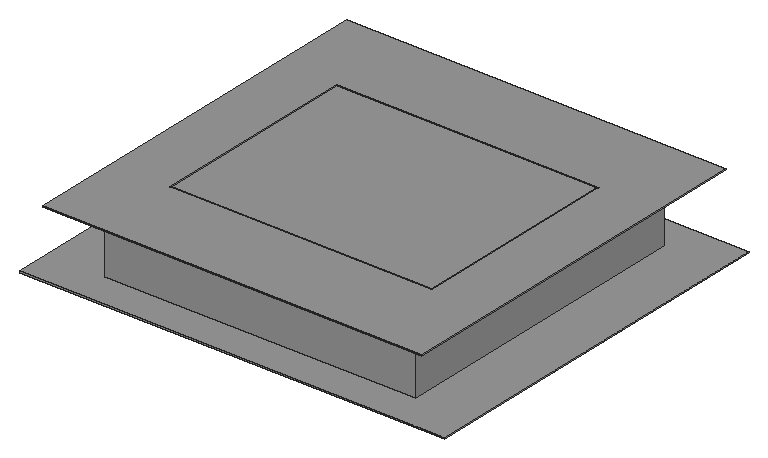
Revit family "Unterflur-Gerätedose - UGD 250-3 6- OBO", category Generic Models, Revit 2017
Family settings
  Can host rebar = No
  Round Connector Dimension = Use Diameter
  Part Type = Normal
  Work Plane-Based = No
  Always vertical = Yes
  Cut with Voids When Loaded = No
  Shared = No
  Room Calculation Point = No
Parameters (values of type "UGD 250-3 6")
  URL = "http://www.obo-bettermann.com"
  Material = Strip galvanised
  Manufacturer Art.No. = "7410083"
  Manufacturer = "OBO BETTERMANN"
  GTIN = "4012195431732"
  Article Type = "UGD 250-3 6"
Reference planes
  plane 1 "Center (Front/Back)": y = 0
  plane 2: z = 0
  plane 3 "Center (Left/Right)": x = 0
  plane 4: z = 1
  plane 5: x = 205
  plane 6: y = 183.5
  plane 7: y = 333.5
  plane 8: x = 355
  plane 9: x = 55
  plane 10: y = 33.5
  plane 11: z = 64
  plane 12: x = 21.5
  plane 13: x = 388.5
  plane 14: z = 65
  plane 15: y = 284
  plane 16: y = 83
  plane 17: x = 331.5
  plane 18: x = 78.5
Forms (mm)
  Extrusion 1, solid, material "Strip galvanised"
    sketch origin (0, 0, 0) x (1, 0, 0) y (0, 1, 0)
      loop
        line (0, 0) -> (410, 0) -> (410, 367) -> (0, 367) -> (0, 0)
    from 0 to 1
  Extrusion 2, solid, material "Strip galvanised" <- "Material"
    sketch origin (0, 0, 0) x (1, 0, 0) y (0, 1, 0)
      loop
        line (55, 333.5) -> (55, 33.5) -> (355, 33.5) -> (355, 333.5) -> (55, 333.5)
      loop
        line (56, 332.5) -> (56, 34.5) -> (354, 34.5) -> (354, 332.5) -> (56, 332.5)
    from 1 to 64
  Extrusion 3, solid, material "Strip galvanised" <- "Material"
    sketch origin (0, 0, 0) x (1, 0, 0) y (0, 1, 0)
      loop
        line (21.5, 367) -> (21.5, 0) -> (388.5, 0) -> (388.5, 367) -> (21.5, 367)
    from 64 to 65
  Extrusion 4, void
    sketch origin (0, 0, 0) x (1, 0, 0) y (0, 1, 0)
      loop
        line (78.5, 284) -> (78.5, 83) -> (331.5, 83) -> (331.5, 284) -> (78.5, 284)
      loop
        line (79.5, 283) -> (79.5, 84) -> (330.5, 84) -> (330.5, 283) -> (79.5, 283)
    from 64 to 65
Cuts and joins
  Extrusion 4 cuts Extrusion 1
  Extrusion 4 cuts Extrusion 3
Dimensions and locks
  locked: Extrusion 1 sketch curve to Extrusion 1 sketch curve at 367
  locked: Extrusion 1 sketch curve to Extrusion 1 sketch curve at 410
  locked: Extrusion 1 to plane 5 at 205
  locked: Extrusion 1 to plane 6 at 183.5
  plane 5 to plane 8 = 150 mm
  plane 7 to plane 6 = 150 mm
  locked: Extrusion 2 sketch curve to Extrusion 2 sketch curve at 300  (x2)
  locked: Extrusion 2 sketch curve to Extrusion 2 sketch curve at 298  (x2)
  locked: Extrusion 1 to Extrusion 2 at 63
  locked: plane 12 to plane 5 at 183.5
  locked: plane 5 to plane 13 at 183.5
  locked: Extrusion 1 to Extrusion 1 at 367
  locked: Extrusion 3 sketch curve to Extrusion 3 sketch curve at 367
  locked: plane 15 to plane 6 at 100.5
  locked: plane 6 to plane 16 at 100.5
  locked: Extrusion 4 sketch curve to Extrusion 4 sketch curve at 201
  Extrusion 4 sketch curve to Extrusion 4 sketch curve = 199 mm
  locked: plane 5 to plane 17 at 126.5
  locked: plane 18 to plane 5 at 126.5
  locked: Extrusion 4 sketch curve to Extrusion 4 sketch curve at 253
  locked: cut or joined group of Extrusion 3, Extrusion 4 to cut or joined group of Extrusion 3, Extrusion 4 at 201
  locked: Extrusion 4 sketch curve to Extrusion 4 sketch curve at 251
  aligned and locked: level to plane 2
  aligned and locked: plane 1 "Center (Front/Back)" to Extrusion 1 sketch curve
  aligned and locked: Extrusion 1 to plane 4
  aligned and locked: Extrusion 2 to Extrusion 1
  aligned and locked: Extrusion 2 to plane 11
  aligned and locked: Extrusion 3 to Extrusion 2
  aligned and locked: Extrusion 3 to plane 14
  aligned and locked: Extrusion 4 to Extrusion 2
  aligned and locked: Extrusion 4 to plane 14
  aligned and locked: plane 17 to Extrusion 4 sketch curve
  aligned and locked: plane 18 to Extrusion 4 sketch curve
  aligned and locked: Extrusion 4 sketch curve to plane 17
